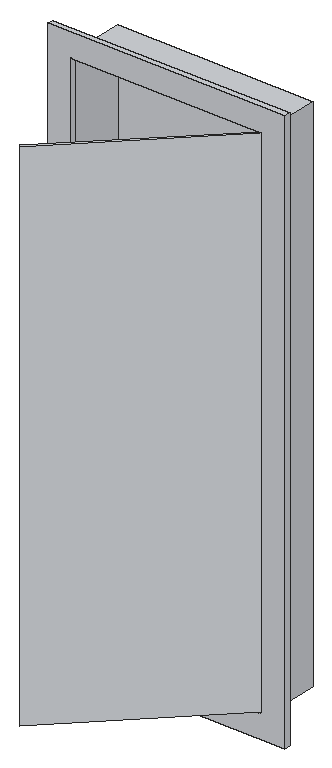
Revit family "Volta-IP30-Flush_mounted-leer-NoHosted-AT-de", category Electrical Equipment, Revit 2020
Family settings
  Panel Configuration = Two Columns, Circuits Across
  Round Connector Dimension = Use Diameter
  Part Type = Panelboard
  Work Plane-Based = Yes
  Always vertical = Yes
  Cut with Voids When Loaded = No
  Shared = No
  Room Calculation Point = No
Parameters (values of type "Unterputz IP30 B348 H880.5 T98 12 Teilungseinheiten - VU60WWH")
  Width Control [instance] = if([HG000006 - Unterputz], if([EF000846 - Einbaubreite] > min_whd, [EF000846 - Einbaubreite], min_whd), if([EF000008 - Breite] > min_whd, ([EF000008 - Breite]), min_whd))  # 314 mm
  Void Depth [instance] = if([EF000218 - Einbautiefe] > 1 mm, [EF000218 - Einbautiefe], 1 mm)  # 89 mm
  Type Comments = [HG000003 - Bereich]  # "Volta"
  System Height [instance] = Height Control - 2 * [HG000005 - Dicke]  # 839 mm
  Panel Name [instance] = ""  # (empty or 0)
  Offset [instance] = 0 mm
  Model = [HG000004 - Herstellerreferenz]  # "VU60WWH"
  Level Offset [instance] = [Flush Mounted - Door Frame Width] + Offset  # 35 mm
  HG000011 - Leere Reihen von unten = no
  HG000010 - Asymmetrische Türen = no
  HG000009 - Doppelflügeligen Tür = no
  HG000008 - Anzahl der leeren Reihen = 0
  HG000007 - Anzahl der leeren Spalten = 0
  HG000006 - Unterputz = yes
  HG000005 - Dicke = 3 mm  # constant formula
  HG000004 - Herstellerreferenz = "VU60WWH"
  HG000003 - Bereich = "Volta"
  HG000002 - Mit tür = yes
  HG000001 - Anzahl der Spalten = 0
  EF015941 - Signaldurchlassende Tür = no
  EF015777 - Neutralleiterklemmenblock = no
  EF015776 - Erdungsklemmenblock = no
  EF009212 - Ausführung Deckel = "EV009916 - mit Ausschnitt"
  EF006306 - Mit Schloss = no
  EF006244 - Transparenter Deckel/Tür = no
  EF005474 - Schutzart (IP) = "EV006410 - IP30"
  EF004462 - Art der Schließung = "EV000154 - sonstige"
  EF002950 - Breite in Teilungseinheiten = 12
  EF001596 - Werkstoff des Gehäuses = "EV000154 - sonstige"
  EF001134 - DIN-Schiene = yes
  EF001131 - Innentiefe = 92 mm
  EF001088 - Anbaumöglichkeit = yes
  EF001062 - EMV-Ausführung = no
  EF000846 - Einbaubreite = 314 mm
  EF000339 - Art der Abdeckung = "EV004216 - Tür"
  EF000332 - Einbauhöhe = 845 mm
  EF000266 - Anzahl der Reihen = 0
  EF000218 - Einbautiefe = 89 mm
  EF000118 - Mit Montageplatte = yes
  EF000116 - RAL-Nummer = "9010"
  EF000049 - Tiefe = 98 mm
  EF000040 - Höhe = 880 mm
  EF000008 - Breite = 348 mm
  EF000007 - Farbe = "EV000202 - weiß"
  EF000003 - Montageart = "EV000383 - Unterputz"
  Description = ""
  Default Elevation = 1219.2 mm
  Arrow Offset [instance] = Depth Control / 8  # 11.125 mm
  Arrow Height [instance] = Depth Control - Arrow Offset  # 77.875 mm
  Host Offset [instance] = if([HG000006 - Unterputz], 0 mm, [EF000049 - Tiefe])  # 0 mm
  min_whd [instance] = (2 * [HG000005 - Dicke]) + 1 mm  # 7 mm
  Manufacturer = "Hager"  # constant formula
  Height Control [instance] = if([HG000006 - Unterputz], if([EF000332 - Einbauhöhe] > min_whd, [EF000332 - Einbauhöhe], min_whd), if([EF000040 - Höhe] > min_whd, ([EF000040 - Höhe]), min_whd))  # 845 mm
  Flush Mounted - Door Frame Width [instance] = if(([EF000040 - Höhe] - [EF000332 - Einbauhöhe]) > 0 mm, if([HG000006 - Unterputz], [EF000040 - Höhe] - [EF000332 - Einbauhöhe], 0 mm), 0 mm)  # 35 mm
  Tür rechts [instance] = yes
  Tür links [instance] = not(Tür rechts)  # no
  Türschwenkwinkel [instance] = 45.00°
  3D-Türsichtbarkeit [instance] = yes
  Depth Control [instance] = if([HG000006 - Unterputz], if([EF000218 - Einbautiefe] > 0 mm, [EF000218 - Einbautiefe], 1 mm), if([EF000049 - Tiefe] > 0 mm, ([EF000049 - Tiefe]), 1 mm))  # 89 mm
  Sichtbarkeit der Türöffnung [instance] = no
Types (10, lengths in mm): name | System Height | Model | Level Offset | HG000004 - Herstellerreferenz | EF000332 - Einbauhöhe | EF000040 - Höhe | Height Control | Flush Mounted - Door Frame Width
  Unterputz IP30 B348 H505.5 T98 12 Teilungseinheiten - VU24NWB | 464 | "VU24NWB" | 36 | "VU24NWB" | 470 | 506 | 470 | 36
  Unterputz IP30 B348 H630.5 T98 12 Teilungseinheiten - VU36NW | 589 | "VU36NW" | 35 | "VU36NW" | 595 | 630 | 595 | 35
  Unterputz IP30 B348 H630.5 T98 12 Teilungseinheiten - VU36NWB | 589 | "VU36NWB" | 35 | "VU36NWB" | 595 | 630 | 595 | 35
  Unterputz IP30 B348 H630.5 T98 12 Teilungseinheiten - VU36WWH | 589 | "VU36WWH" | 35 | "VU36WWH" | 595 | 630 | 595 | 35
  Unterputz IP30 B348 H755.5 T98 12 Teilungseinheiten - VU48NW | 714 | "VU48NW" | 36 | "VU48NW" | 720 | 756 | 720 | 36
  Unterputz IP30 B348 H755.5 T98 12 Teilungseinheiten - VU48NWB | 714 | "VU48NWB" | 36 | "VU48NWB" | 720 | 756 | 720 | 36
  Unterputz IP30 B348 H755.5 T98 12 Teilungseinheiten - VU48WWH | 714 | "VU48WWH" | 36 | "VU48WWH" | 720 | 756 | 720 | 36
  Unterputz IP30 B348 H880.5 T98 12 Teilungseinheiten - VU60NW | 839 | "VU60NW" | 35 | "VU60NW" | 845 | 880 | 845 | 35
  Unterputz IP30 B348 H880.5 T98 12 Teilungseinheiten - VU60NWB | 839 | "VU60NWB" | 35 | "VU60NWB" | 845 | 880 | 845 | 35
  Unterputz IP30 B348 H880.5 T98 12 Teilungseinheiten - VU60WWH | 839 | "VU60WWH" | 35 | "VU60WWH" | 845 | 880 | 845 | 35
Reference planes
  plane 1 "Center (Front/Back)": y = 0
  plane 2: z = 0
  plane 3 "Center (Left/Right)": x = 0
  plane 4: y = 38
  plane 5: y = 89
  plane 6: y = 35
  plane 7: z = 0
  plane 8: x = -157
  plane 9: x = 157
  plane 10: x = 154
  plane 11: x = -154
  plane 12: z = 35
  plane 13: z = 38
  plane 14: y = 5
  plane 15: y = 0
  plane 16: y = 86
  plane 17: z = 877
  plane 18: z = 880
  plane 19: z = 457.5
  plane 20: x = 2000
  plane 21: x = 0
  plane 22: y = -2100
  plane 23: y = -100
Forms (mm)
  Extrusion 1, solid
    sketch origin (-208.679, -4572, 35) x (-1, 0, 0) y (0, -1, 0)
      loop
        line (-51.679, -4572) -> (-365.679, -4572) -> (-365.679, -4661) -> (-51.679, -4661) -> (-51.679, -4572)
    from 0 to 845 <- "Height Control"
  Extrusion 2, void
    sketch origin (-350.771, 0, 1219.2) x (1, 0, 0) y (0, 0, 1)
      loop
        line (196.771, -342.2) -> (196.771, -1181.2) -> (504.771, -1181.2) -> (504.771, -342.2) -> (196.771, -342.2)
    from 0 to -86
  Extrusion 3, solid, detail levels coarse
    sketch origin (-350.771, 0, 1219.2) x (-1, 0, 0) y (0, 0, 1)
      loop
        line (-196.771, -342.2) -> (-504.771, -342.2) -> (-504.771, -1181.2) -> (-196.771, -1181.2) -> (-196.771, -342.2)
    from 0 to 3 <- "HG000005 - Dicke"
Cuts and joins
  Extrusion 2 cuts Extrusion 1
Dimensions and locks
  "Flush Mounted - Door Frame Width": plane 1 "Center (Front/Back)" to plane 6
  "HG000005 - Dicke": plane 4 to plane 6
  "HG000005 - Dicke": plane 8 to plane 11
  "HG000005 - Dicke": plane 9 to plane 10
  equal spacing: plane 8, plane 3 "Center (Left/Right)", plane 9
  "Width Control": plane 8 to plane 9
  locked: plane 14 to plane 15 at 5
  "Host Offset": plane 1 "Center (Front/Back)" to plane 15
  "Depth Control": plane 5 to plane 15
  "HG000005 - Dicke": plane 5 to plane 16
  "HG000005 - Dicke": plane 13 to plane 12
  "Level Offset": plane 12 to level
  "HG000005 - Dicke": plane 18 to plane 17
  "Height Control": plane 18 to plane 12
  "Arrow Offset": plane 5 to nested 4
  equal spacing: plane 18, plane 19, plane 12
  locked: connector elem to plane 19
  locked: connector elem to plane 3 "Center (Left/Right)"
  locked: plane 3 "Center (Left/Right)" to plane 20 at 2000
  locked: plane 21 to plane 20 at 2000
  locked: plane 23 to plane 22 at 2000
  aligned and locked: nested 1 to plane 14
  aligned and locked: plane 3 "Center (Left/Right)" to nested 1
  aligned and locked: plane 3 "Center (Left/Right)" to nested 2
  aligned and locked: nested 2 to plane 15
  aligned and locked: plane 5 to Extrusion 1
  aligned and locked: Extrusion 3 sketch curve to plane 17
  aligned and locked: Extrusion 3 sketch curve to plane 11
  aligned and locked: plane 13 to Extrusion 3 sketch curve
  aligned and locked: Extrusion 3 sketch curve to plane 10
  aligned and locked: plane 13 to Extrusion 2 sketch curve
  aligned and locked: Extrusion 2 sketch curve to plane 10
  aligned and locked: Extrusion 2 sketch curve to plane 17
  aligned and locked: Extrusion 2 sketch curve to plane 11
  aligned and locked: plane 16 to Extrusion 2
  aligned and locked: plane 5 to Extrusion 1 sketch curve
  aligned and locked: plane 9 to Extrusion 1 sketch curve
  aligned and locked: plane 8 to Extrusion 1 sketch curve
  aligned and locked: plane 8 to nested 4
  aligned and locked: plane 8 to nested 3
  aligned and locked: nested 3 to plane 5
  aligned and locked: Extrusion 1 sketch curve to plane 15
  aligned and locked: Extrusion 2 to plane 15
Nested families
  nested 1: "Hager_Enclosure_System" at (0, 5, 38), No_Columns <- "HG000001 - Anzahl der Spalten", Flush_Mounted <- "HG000006 - Unterputz", Width <- "EF000008 - Breite", Height <- "System Height", Width_Control <- "Width Control", Row_Module_Multiplicator <- "EF002950 - Breite in Teilungseinheiten", Empty_Columns <- "HG000007 - Anzahl der leeren Spalten", No_Rows <- "EF000266 - Anzahl der Reihen", Built-in_Width <- "EF000846 - Einbaubreite", Border <- "HG000005 - Dicke", Total_No_Empty_Rows <- "HG000008 - Anzahl der leeren Reihen", Depth <- "HG000005 - Dicke", Empty_Rows_From_Bottom <- "HG000011 - Leere Reihen von unten", type "Hager_Enclosure_System", detail levels medium+fine
    with Width_Control 314 mm, Width 348 mm, Total_No_Rows 0, Total_No_Empty_Rows 0, Total_No_Columns 1, System_Width 308 mm, Rows_Column 0, Row_Module_Multiplicator 12, Panel_4 no, Panel_3 no, Panel_2 no, Panel_1 no, No_Rows 0, No_Panels_Ctrl 1, No_Columns 0, Hide_Columns yes, Height 839 mm, Flush_Mounted yes, Empty_Rows_From_Bottom no, Empty_Rows_Column 0, Empty_Columns 0, Depth 3 mm, Column_Width 308 mm, Built-in_Width 314 mm, Border 3 mm
  nested 2: "Hager_Enclosure_Door" at (0, 0, 35), Double <- "HG000009 - Doppelflügeligen Tür", Height_Ctrl <- "Height Control", Transparent <- "EF006244 - Transparenter Deckel/Tür", Depth <- "EF000049 - Tiefe", Height <- "EF000040 - Höhe", Angle <- "Türschwenkwinkel", Door_Right <- "Tür rechts", Assymetrical <- "HG000010 - Asymmetrische Türen", Flush_Mounted <- "HG000006 - Unterputz", BuiltIn_Depth <- "EF000218 - Einbautiefe", BuiltIn_Width <- "EF000846 - Einbaubreite", Door <- "HG000002 - Mit tür", Width_Ctrl <- "Width Control", 3d_Door <- "3D-Türsichtbarkeit", Width <- "EF000008 - Breite", Border <- "HG000005 - Dicke", BuiltIn_Height <- "EF000332 - Einbauhöhe", Clearance <- "Sichtbarkeit der Türöffnung", Door_Left <- "Tür links", type "Hager_Enclosure_Door", detail levels medium+fine
    with min_wh 7 mm, Width_Ctrl 314 mm, Width 348 mm, Transparent no, Leaf_Width 305 mm, Leaf_Tolerance 1.5 mm, Leaf_Height 836 mm, Leaf_2_Width 305 mm, Leaf_2_Offset 152.5 mm, Leaf_1_Width 305 mm, Leaf_1_Offset 152.5 mm, Height_Ctrl 845 mm, Height 880 mm, Frame_Width_Ctrl 34 mm, Frame_Width 34 mm, Frame_Internal_Offset 3 mm, Frame_Height_Ctrl 35 mm, Frame_Height 35 mm, Frame_Depth_Ctrl 9 mm, Frame_Depth 9 mm, Flush_Mounted yes, Double_Clearance_Ctrl no, Double no, Door_Right_Ctrl yes, Door_Right yes, Door_Left_Ctrl no, Door_Left no, Door yes, Depth 98 mm, Clearance_Depth 305 mm, Clearance_Ctrl no, Clearance no, BuiltIn_Width 314 mm, BuiltIn_Height 845 mm, BuiltIn_Depth 89 mm, Border 3 mm, Assymetrical no, Angle 45.00°, 3d_Door yes
  nested 3: "Hager_Enclosure_Symbol_Triangle" at (-157, 89, 0), Depth <- "Depth Control", Width <- "Width Control", type "Hager_Enclosure_Symbol_Triangle"
    with Width_Ctrl 314 mm, Width 314 mm, Depth_Ctrl 89 mm, Depth 89 mm
  nested 4: "Hager_Enclosure_Symbol_Arrow" at (-157, 77.875, 0), Height <- "Arrow Height", type "Hager_Enclosure_Symbol_Arrow"
    with Width_Inside 5.841 mm, Width 70.087 mm, Height_Ctrl 77.875 mm, Height 77.875 mm
Connectors
  electrical at (0, 89, 457.5)
    settings: on plane 5, index 1, voltage 0 V, apparent load 0 VA, apparent load phase1 0 VA, apparent load phase2 0 VA, apparent load phase3 0 VA, power factor 1, load classification "Other", number of poles 1, system type 30, power factor state 1, is connector primary yes, connector utility no, sub classification motor no, connector description ""
Definition of nested family "Hager_Enclosure_Door"
  Parameters (values of type "Hager_Enclosure_Door")
    min_wh [instance] = (2 * Border) + 1 mm  # 11 mm
    Width_Ctrl [instance] = 400 mm
    Width [instance] = 500 mm
    Transparent [instance] = yes
    Leaf_Width [instance] = if((Width_Ctrl - 2 * Border - 2 * Leaf_Tolerance) > 0 mm, (Width_Ctrl - 2 * Border - 2 * Leaf_Tolerance), min_wh)  # 387 mm
    Leaf_Tolerance [instance] = 1.5 mm  # constant formula
    Leaf_Height [instance] = if((Height_Ctrl - 2 * Border - 2 * Leaf_Tolerance) > 0 mm, (Height_Ctrl - 2 * Border - 2 * Leaf_Tolerance), min_wh)  # 387 mm
    Leaf_2_Width [instance] = if(and(and(Double, Assymetrical), Door_Left), (Leaf_Width / 3) - (Leaf_Tolerance / 2), if(and(and(Double, Assymetrical), Door_Right), (Leaf_Width / 3) * 2 - (Leaf_Tolerance / 2), if(and(Double, not(Assymetrical)), (Leaf_Width / 2) - Leaf_Tolerance, Leaf_Width)))  # 192 mm
    Leaf_2_Offset [instance] = if(and(Double, Assymetrical), Leaf_2_Width / 2, if(and(Double, not(Assymetrical)), Leaf_Width / 4, Leaf_Width / 2))  # 96.75 mm
    Leaf_1_Width [instance] = if(and(and(Double, Assymetrical), Door_Right), (Leaf_Width / 3) - (Leaf_Tolerance / 2), if(and(and(Double, Assymetrical), Door_Left), (Width / 3) * 2 - (Leaf_Tolerance / 2), if(and(Double, not(Assymetrical)), (Leaf_Width / 2) - Leaf_Tolerance, Leaf_Width)))  # 192 mm
    Leaf_1_Offset [instance] = if(and(Double, Assymetrical), Leaf_1_Width / 2, if(and(Double, not(Assymetrical)), Leaf_Width / 4, Leaf_Width / 2))  # 96.75 mm
    Height_Ctrl [instance] = 400 mm
    Height [instance] = 500 mm
    Frame_Width_Ctrl [instance] = if(Frame_Width > 0 mm, Frame_Width, 1 mm)  # 1 mm
    Frame_Width [instance] = Width - BuiltIn_Width  # 0 mm
    Frame_Internal_Offset [instance] = if(Flush_Mounted, Border, 0 mm)  # 0 mm
    Frame_Height_Ctrl [instance] = if(Frame_Height > 0 mm, Frame_Height, 1 mm)  # 1 mm
    Frame_Height [instance] = Height - BuiltIn_Height  # 0 mm
    Frame_Depth_Ctrl [instance] = if(Frame_Depth > 0 mm, Frame_Depth, 1 mm)  # 1 mm
    Frame_Depth [instance] = if(Depth - BuiltIn_Depth > 0 mm, if(Flush_Mounted, Depth - BuiltIn_Depth, 0 mm), 0 mm)  # 0 mm
    Flush_Mounted [instance] = no
    Double_Clearance_Ctrl [instance] = and(Double, Clearance)  # yes
    Double [instance] = yes
    Door_Right_Ctrl [instance] = and(or(Door_Right, Double), Door)  # yes
    Door_Right [instance] = yes
    Door_Left_Ctrl [instance] = and(or(Door_Left, Double), Door)  # yes
    Door_Left [instance] = no
    Door [instance] = yes
    Depth [instance] = 500 mm
    Default Elevation = 1219.2 mm
    Clearance_Material = none
    Clearance_Depth [instance] = if(Leaf_1_Width > Leaf_2_Width, Leaf_1_Width, Leaf_2_Width)  # 192 mm
    Clearance_Ctrl [instance] = and(not(Double), Clearance)  # no
    Clearance [instance] = yes
    BuiltIn_Width [instance] = 500 mm
    BuiltIn_Height [instance] = 500 mm
    BuiltIn_Depth [instance] = 500 mm
    Border [instance] = 5 mm
    Assymetrical [instance] = no
    Angle [instance] = 65.00°
    3d_Door [instance] = yes
  Reference planes
    plane 1 "Center (Front/Back)": y = 0
    plane 2 "Bottom": z = 0
    plane 3 "Center (Left/Right)": x = 0
    plane 4: z = 400
    plane 5: x = -200
    plane 6: x = 200
    plane 7: z = 395
    plane 8: x = -195
    plane 9: z = 5
    plane 10: x = 195
    plane 11: y = 0
    plane 12: z = 6.5
    plane 13: x = -387
    plane 14: y = -192
    plane 15: x = 387
    plane 16: x = -96.75
    plane 17: x = 96.75
    plane 18: x = -193.5
    plane 19: x = 193.5
    plane 20: z = 393.5
  Forms (mm)
    Extrusion 1, solid, visible <- "Flush_Mounted"
      sketch origin (0, 0, 0) x (1, 0, 0) y (0, 0, 1)
        loop
          line (200, 0) -> (200, 400) -> (-200, 400) -> (-200, 0) -> (200, 0)
        loop
          line (-201, 401) -> (-201, -1) -> (201, -1) -> (201, 401) -> (-201, 401)
      from 0 to 1 <- "Frame_Depth_Ctrl"
    Extrusion 2, solid, material <- "Clearance_Material", visible <- "Double_Clearance_Ctrl"
      sketch origin (1200, 0, 0) x (1, 0, 0) y (0, 0, -1)
        loop
          line (-1587, -393.5) -> (-813, -393.5) -> (-813, 0) -> (-1587, 0) -> (-1587, -393.5)
      from 0 to -192
  Dimensions and locks
    equal spacing: plane 5, plane 3 "Center (Left/Right)", plane 6
    "Width_Ctrl": plane 5 to plane 6
    "Border": plane 5 to plane 8
    "Border": plane 6 to plane 10
    "Border": plane 9 to level
    "Border": plane 4 to plane 7
    "Height_Ctrl": plane 4 to level
    "Leaf_Tolerance": plane 12 to plane 9
    "Frame_Depth": plane 11 to plane 1 "Center (Front/Back)"
    "Frame_Width_Ctrl": plane 5 to Extrusion 1 sketch curve
    "Frame_Width_Ctrl": plane 6 to Extrusion 1 sketch curve
    "Frame_Width_Ctrl": Extrusion 1 sketch curve to plane 4
    "Frame_Width_Ctrl": plane 2 "Bottom" to Extrusion 1 sketch curve
    "Leaf_1_Offset": plane 18 to plane 16
    "Leaf_2_Offset": plane 17 to plane 19
    "Leaf_1_Width": plane 13 to plane 8
    "Leaf_2_Width": plane 10 to plane 15
    "Clearance_Depth": plane 14 to plane 1 "Center (Front/Back)"
    "Leaf_Tolerance": plane 8 to plane 18
    "Leaf_Tolerance": plane 19 to plane 10
    "Leaf_Tolerance": plane 7 to plane 20
    "Frame_Internal_Offset": plane 5 to Extrusion 1 sketch curve
    "Frame_Internal_Offset": Extrusion 1 sketch curve to plane 2 "Bottom"
    "Frame_Internal_Offset": plane 6 to Extrusion 1 sketch curve
    "Frame_Internal_Offset": plane 4 to Extrusion 1 sketch curve
    aligned and locked: level to plane 2 "Bottom"
    aligned and locked: nested 1 to plane 16
    aligned and locked: nested 2 to plane 17
    aligned and locked: Extrusion 2 to plane 13
    aligned and locked: plane 15 to Extrusion 2
    aligned and locked: Extrusion 2 to plane 14
    aligned and locked: plane 12 to nested 1
    aligned and locked: nested 2 to plane 12
    aligned and locked: Extrusion 2 to plane 11
    aligned and locked: plane 20 to Extrusion 2
    aligned and locked: nested 2 to plane 11
    aligned and locked: nested 1 to plane 11
  Automatic sketch dimensions
    Extrusion 2 sketch curve to level = 0 mm
    plane 5 to Extrusion 2 sketch curve = 187 mm
    plane 6 to Extrusion 2 sketch curve = 187 mm
    Extrusion 2 sketch curve to plane 4 = 6.5 mm
  Nested families
    nested 1: "Hager_Enclosure_Door_Leaf" at (-96.75, 0, 6.5), Width <- "Leaf_1_Width", visible <- "Door_Left_Ctrl", Leaf_Height <- "Leaf_Height", Angle <- "Angle", Depth <- "Border", 3d_Door <- "3d_Door", Transparent <- "Transparent", Clearance Material <- "Clearance_Material", Clearance <- "Clearance_Ctrl", type "Hager_Enclosure_Door_Leaf"
      with Width 192 mm, Transparent_Door_Border 25 mm, Transparent_Ctrl yes, Transparent yes, Standard no, Leaf_Height 387 mm, Glass_Offset 1 mm, Depth 5 mm, Clearance Material none, Clearance no, Angle_Ctrl 65.00°, Angle 65.00°, 3d_Door yes
    nested 2: "Hager_Enclosure_Door_Leaf" at (96.75, 0, 6.5) x (-1, 0, 0) z (0, 0, 1), Width <- "Leaf_2_Width", visible <- "Door_Right_Ctrl", Leaf_Height <- "Leaf_Height", Angle <- "Angle", Depth <- "Border", 3d_Door <- "3d_Door", Transparent <- "Transparent", Clearance Material <- "Clearance_Material", Clearance <- "Clearance_Ctrl", type "Hager_Enclosure_Door_Leaf"
      with Width 192 mm, Transparent_Door_Border 25 mm, Transparent_Ctrl yes, Transparent yes, Standard no, Leaf_Height 387 mm, Glass_Offset 1 mm, Depth 5 mm, Clearance Material none, Clearance no, Angle_Ctrl 65.00°, Angle 65.00°, 3d_Door yes
  Definition of nested family "Hager_Enclosure_Door_Leaf"
    Parameters (values of type "Hager_Enclosure_Door_Leaf")
      Width [instance] = 200 mm
      Transparent_Door_Border [instance] = 25 mm  # constant formula
      Transparent_Ctrl [instance] = and(Transparent, [3d_Door])  # yes
      Transparent [instance] = yes
      Standard [instance] = and(not(Transparent), [3d_Door])  # no
      Leaf_Height [instance] = 500 mm
      Glass_Offset [instance] = if((Depth - 10 mm) / 2 > 0 mm, (Depth - 10 mm) / 2, 1 mm)  # 1 mm
      Glass_Material = none
      Depth [instance] = 3 mm
      Default Elevation = 0 mm
      Clearance Material [instance] = none
      Clearance [instance] = no
      Angle_Ctrl [instance] = if(Angle > 170.00°, 170.00°, Angle)  # 163.00°
      Angle [instance] = 163.00°
      3d_Door [instance] = yes
    Reference planes
      plane 1 "Center (Front/Back)": y = 0
      plane 2: z = 0
      plane 3 "Center (Left/Right)": x = 0
      plane 4: y = 200
      plane 5: x = -100
      plane 6: x = 100
      plane 7: x = -300
      plane 8: z = 500
      plane 9: z = 25
      plane 10: z = 475
      plane 11: x = 75
      plane 12: x = -75
    Forms (mm)
      Extrusion 1, solid, material <- "Clearance Material", visible <- "Clearance"
        sketch origin (0, 0, 0) x (1, 0, 0) y (0, 0, 1)
          loop
            line (-300, 500) -> (-300, 0) -> (100, 0) -> (100, 500) -> (-300, 500)
        from 0 to -200
      Extrusion 2, solid, visible <- "Standard", detail levels fine
        sketch origin (-100, 0, 0) x (-0.956305, 0.292372, 0) y (-0.292372, -0.956305, 0)
          loop
            line (0, -3) -> (200, -3) -> (200, 0) -> (0, 0) -> (0, -3)
        from 0 to 500 <- "Leaf_Height"
      Extrusion 3, solid, visible <- "Transparent_Ctrl", detail levels fine
        sketch origin (-100, 0, 0) x (-0.956305, 0.292372, 0) y (-0.292372, -0.956305, 0)
          loop
            line (0, -3) -> (200, -3) -> (200, 0) -> (0, 0) -> (0, -3)
        from 0 to 500 <- "Leaf_Height"
      Extrusion 4, void, detail levels fine
        sketch origin (-100, 0, 0) x (-0.292372, -0.956305, 0) y (-0.956305, 0.292372, 0)
          loop
            line (0, 25) -> (0, 175) -> (-3, 175) -> (-3, 25) -> (0, 25)
        from -475 to -25
      Extrusion 5, solid, material <- "Glass_Material", visible <- "Transparent_Ctrl", detail levels fine
        sketch origin (-100, 0, 0) x (-0.956305, 0.292372, 0) y (-0.292372, -0.956305, 0)
          loop
            line (25, -1) -> (25, -2) -> (175, -2) -> (175, -1) -> (25, -1)
        from 25 to 475
    Cuts and joins
      Extrusion 4 cuts Extrusion 3
    Lines and regions (mm)
      symbolic lines
        curve 1: line (100, 0, 0) -> (-300, 0, 0)
        curve 2: arc (100, 0, 0) -> (-100, 200, 0) -> (-300, 0, 0) r 200
        curve 4: line (-100, 0, 0) -> (-291.261, 58.474, 0)
      reference lines
        curve 3: line (-100, 0, 0) -> (-291.261, 58.474, 0)
      symbolic lines, detail levels medium+fine
        curve 5: line (-291.261, 58.474, 0) -> (-290.384, 61.343, 0)
        curve 6: line (-290.384, 61.343, 0) -> (-99.123, 2.869, 0)
        curve 7: line (-99.123, 2.869, 0) -> (-100, 0, 0)
      symbolic lines, detail levels fine
        curve 8: line (-100, 0, 500) -> (100, 0, 500)
        curve 9: line (-100, 0, 0) -> (-100, 0, 500)
        curve 10: line (100, 0, 0) -> (-100, 0, 0)
        curve 11: line (100, 0, 500) -> (100, 0, 0)
      symbolic lines, visible <- "Transparent_Ctrl", detail levels fine
        curve 12: line (-75, 0, 475) -> (75, 0, 475)
        curve 13: line (-75, 0, 25) -> (-75, 0, 475)
        curve 14: line (75, 0, 25) -> (-75, 0, 25)
        curve 15: line (75, 0, 475) -> (75, 0, 25)
    Dimensions and locks
      "Width": plane 1 "Center (Front/Back)" to plane 4
      equal spacing: plane 5, plane 3 "Center (Left/Right)", plane 6
      "Width": plane 5 to plane 6
      "Width": plane 7 to plane 5
      "Leaf_Height": plane 8 to level
      "Depth": curve 6 to curve 3
      "Width": curve 5 to curve 3
      "Width": curve 3 to curve 3
      "Transparent_Door_Border": Extrusion 4 sketch curve to curve 7
      "Transparent_Door_Border": Extrusion 4 sketch curve to curve 5
      "Transparent_Door_Border": plane 8 to plane 10
      "Transparent_Door_Border": plane 9 to level
      "Glass_Offset": Extrusion 5 sketch curve to curve 4
      "Glass_Offset": Extrusion 5 sketch curve to curve 6
      "Transparent_Door_Border": Extrusion 5 sketch curve to curve 5
      "Transparent_Door_Border": Extrusion 5 sketch curve to curve 7
      "Transparent_Door_Border": plane 12 to plane 5
      "Transparent_Door_Border": plane 6 to plane 11
      "Angle_Ctrl": angle plane 1 "Center (Front/Back)" to curve 3
      aligned and locked: level to plane 2
      aligned and locked: Extrusion 1 to curve 1
      aligned and locked: plane 6 to Extrusion 1
      aligned and locked: plane 1 "Center (Front/Back)" to Extrusion 1
      aligned and locked: plane 4 to Extrusion 1
      aligned and locked: plane 8 to Extrusion 1
      aligned and locked: curve 4 to curve 3
      aligned and locked: Extrusion 2 sketch curve to curve 7
      aligned and locked: Extrusion 2 sketch curve to curve 6
      aligned and locked: Extrusion 2 sketch curve to curve 5
      aligned and locked: Extrusion 2 sketch curve to curve 3
      aligned and locked: curve 7 to Extrusion 3 sketch curve
      aligned and locked: Extrusion 3 sketch curve to curve 4
      aligned and locked: Extrusion 3 sketch curve to curve 6
      aligned and locked: Extrusion 3 sketch curve to curve 5
      aligned and locked: curve 4 to Extrusion 4 sketch curve
      aligned and locked: curve 6 to Extrusion 4 sketch curve
      aligned and locked: Extrusion 4 to plane 9
      aligned and locked: Extrusion 4 to plane 10
      aligned and locked: Extrusion 5 to plane 9
      aligned and locked: Extrusion 5 to plane 10
      aligned and locked: curve 8 to plane 8
      aligned and locked: plane 5 to curve 9
      aligned and locked: plane 2 to curve 10
      aligned and locked: curve 11 to plane 6
      aligned and locked: plane 10 to curve 12
      aligned and locked: plane 12 to curve 13
      aligned and locked: plane 9 to curve 14
      aligned and locked: plane 11 to curve 15
    Automatic sketch dimensions
      plane 1 "Center (Front/Back)" to curve 2 = 0 mm
      curve 2 to plane 5 = 0 mm
      Extrusion 1 sketch curve to level = 0 mm
      Extrusion 1 sketch curve to plane 7 = 0 mm
      Extrusion 1 sketch curve to plane 6 = 0 mm
      Extrusion 1 sketch curve to plane 8 = 0 mm
      plane 1 "Center (Front/Back)" to curve 3 = 0 mm
      curve 3 to plane 5 = 0 mm
      curve 7 to curve 3 = 0 mm
Definition of nested family "Hager_Enclosure_Symbol_Triangle"
  Parameters (values of type "Hager_Enclosure_Symbol_Triangle")
    Width_Ctrl [instance] = if(Width > 1 mm, Width, 1 mm)  # 498 mm
    Width [instance] = 498 mm
    Depth_Ctrl [instance] = if(Depth > 1 mm, Depth, 1 mm)  # 72 mm
    Depth [instance] = 72 mm
  Reference planes
    plane 1 "Centre (avant/arrière)": y = 0
    plane 2: z = 0
    plane 3 "Centre (gauche/droite)": x = 0
  Lines and regions (mm)
    Filled region 1, type "Solid_Black", in view "Niveau de réf."
      outline origin (0, 0, 0) x (1, 0, 0) y (0, 1, 0)
        loop
          line (0, 0) -> (498, 0) -> (498, 72) -> (0, 0)
    reference lines, in view "Niveau de réf."
      curve 1: line (-206.153, 72, 0) -> (1083.258, 72, 0)
      curve 2: line (498, 405.456, 0) -> (498, -517.619, 0)
  Dimensions and locks
    "Depth_Ctrl": plane 1 "Centre (avant/arrière)" to curve 1
    "Width_Ctrl": plane 3 "Centre (gauche/droite)" to curve 2
    aligned and locked: curve 1 to Filled region 1 sketch curve
    aligned and locked: Filled region 1 sketch curve to plane 1 "Centre (avant/arrière)"
    aligned and locked: curve 2 to Filled region 1 sketch curve
    aligned and locked: plane 3 "Centre (gauche/droite)" to Filled region 1 sketch curve
    aligned and locked: plane 1 "Centre (avant/arrière)" to Filled region 1 sketch curve
  Automatic sketch dimensions
    curve 1 to plane 3 "Centre (gauche/droite)" = 206.153 mm
    curve 2 to curve 1 = 585.258 mm
    plane 1 "Centre (avant/arrière)" to curve 2 = 517.619 mm
    curve 2 to plane 1 "Centre (avant/arrière)" = 405.456 mm
Definition of nested family "Hager_Enclosure_Symbol_Arrow"
  Parameters (values of type "Hager_Enclosure_Symbol_Arrow")
    Width_Inside [instance] = if(Width / 12 > 2 mm, Width / 12, 2 mm)  # 4.987 mm
    Width [instance] = if(Height_Ctrl * 0.9 > 2 mm, Height_Ctrl * 0.9, 2 mm)  # 59.85 mm
    Height_Ctrl [instance] = if(Height > 2 mm, Height, 2 mm)  # 66.5 mm
    Height [instance] = 66.5 mm
  Reference planes
    plane 1 "Centre (avant/arrière)": y = 0
    plane 2: z = 0
    plane 3 "Centre (gauche/droite)": x = 0
    plane 4: x = 59.85
    plane 5: y = 28.263
    plane 6: y = 38.238
    plane 7: y = 66.5
    plane 8: x = 29.925
    plane 9: y = 33.25
  Lines and regions (mm)
    Filled region 1, type "Solid_Black", in view "Niveau de réf."
      outline origin (0, 0, 0) x (1, 0, 0) y (0, 1, 0)
        loop
          line (59.85, 66.5) -> (37.929, 52.827) -> (51.846, 41.935) -> (59.85, 66.5)
    detail lines, in view "Niveau de réf."
      curve 1: line (0, 0, 0) -> (29.925, 38.238, 0)
      curve 2: line (29.925, 38.238, 0) -> (29.925, 28.263, 0)
      curve 3: line (29.925, 28.263, 0) -> (59.85, 66.5, 0)
  Dimensions and locks
    "Width": plane 3 "Centre (gauche/droite)" to plane 4
    "Height_Ctrl": plane 7 to plane 1 "Centre (avant/arrière)"
    equal spacing: plane 3 "Centre (gauche/droite)", plane 8, plane 4
    equal spacing: plane 7, plane 9, plane 1 "Centre (avant/arrière)"
    equal spacing: plane 6, plane 9, plane 5
    "Width_Inside": plane 6 to plane 9
    equal spacing: curve 3, Filled region 1 sketch curve, Filled region 1 sketch curve
    angle Filled region 1 sketch curve to curve 3 = 20.00°
    angle curve 3 to Filled region 1 sketch curve = 20.00°
    locked: curve 3 to Filled region 1 sketch curve (angle 90.00°)
  Automatic sketch dimensions
    plane 1 "Centre (avant/arrière)" to curve 1 = 0 mm
    curve 1 to plane 3 "Centre (gauche/droite)" = 0 mm
    curve 2 to plane 6 = 0 mm
    curve 3 to plane 8 = 0 mm
    curve 3 to plane 4 = 0 mm
    curve 2 to plane 5 = 0 mm
    curve 3 to plane 7 = 0 mm
    Filled region 1 sketch curve to plane 4 = 0 mm
    Filled region 1 sketch curve to plane 7 = 0 mm
